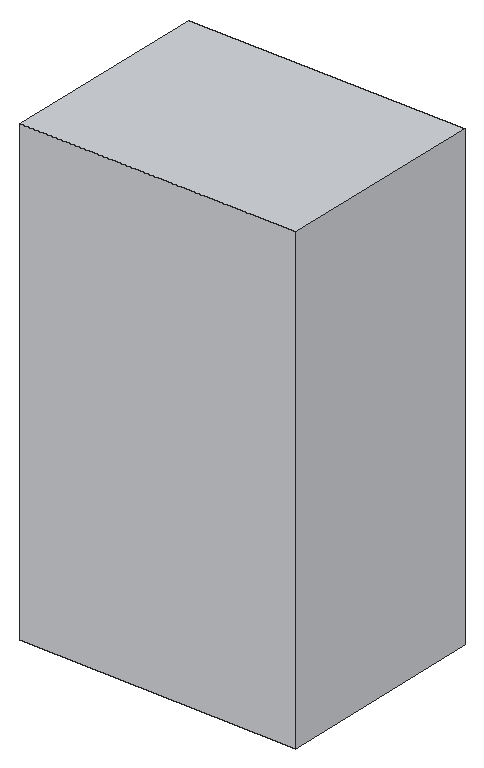
Revit family
Parameters
  Warranty Duration (Years) = 0
  Unit Width [instance] = 0' - 11 1/16"
  Unit Height [instance] = 1' - 1 9/16"
  Unit Depth = 0' - 0"
  URL = "http://www.americanspecialties.com/viewCategories.cfm"
  Trim Material = Metal - Stainless Steel
  Test Data = ""
  Specification = "http://www.arcat.com/sdspecs/htm/10810asi.htm"
  SpecWizard = ""
  Send Message = "http://www.arcat.com/users.pl?action=UserEmail&company=American%20Specialties,%20Inc.&coid=30448&rep=139&fax=914-476-0688&mf="
  Sales Information = "http://www.americanspecialties.com/contact"
  Revision = "R1_10-2010"
  Product Properties = "http://www.americanspecialties.com/datasheets/20210.pdf"
  Product Data = "http://www.arcat.com/arcatcos/cos30/arc30448.html"
  Model = "As Specified in 10 28 13"
  Manufacturer Website = "http://www.americanspecialties.com/viewCategories.cfm"
  Manufacturer Phone - Toll Free = ""
  Manufacturer Phone = "914-476-9000 "
  Manufacturer Fax = "914-476-0688"
  Manufacturer Address = "441 Saw Mill River Rd., Yonkers, NY 10701"
  Manufacturer = "American Specialties, Inc."
  Maintenance Schedule (Months) = 0
  Keynote = "10 28 13"
  Installation-Fabrication = "http://www.americanspecialties.com/products.cfm"
  Green Building-LEED = ""
  Expected Lifespan (Years) = 0
  Drawn By = "Robert S. Weygant. CSI, CDT, SCIP"  # constant formula
  Description = "Toilet Accessory as Specified in 10 28 13"
  Default Elevation = 4' - 0"
  Copyright = "©Arcat Inc."
  Construction Details = "http://www.arcat.com/green/clients/leed_data_30448.html"
  Building Codes = "http://www.americanspecialties.com/products.cfm"
  Body Material = Metal - Stainless Steel
  Assembly Code = "C1030210"
Reference planes (in)
  plane 1 "Center (Front/Back)": y = -2.59776
  plane 2 "Floor Line": z = 0
  plane 3 "Center (Left/Right)": x = -0.65843
  plane 4: z = 54.78125
  plane 5: x = -6.18968
  plane 6: x = 4.87282
  plane 7: z = 48
  plane 8: z = 61.5625
  plane 9: y = 4.18349
  plane 10: y = -9.37901
  plane 11: y = -8.94151
Forms (in)
  Extrusion 1, solid
    sketch origin (-3, -9, -6) x (0, 0, -1) y (1, 0, 0)
      loop
        line (-82, 26) -> (-82, -19.34712) -> (-6, -19.34712) -> (-6, 26) -> (-82, 26)
    from 9 to -25.60721
  Extrusion 2, solid, material "Metal - Stainless Steel" <- "Body Material"
    sketch origin (0, 0, 0) x (1, 0, 0) y (0, 1, 0)
      loop
        line (-6.18968, 4.18349) -> (-6.18968, -9.37901) -> (4.87282, -9.37901) -> (4.87282, 4.18349) -> (-6.18968, 4.18349)
    from 0 to 3.25
  Extrusion 3, solid, material "Metal - Stainless Steel" <- "Body Material"
    sketch origin (0, -2.59776, 0) x (1, 0, 0) y (0, 0, 1)
      loop
        line (-6.18968, 3.25) -> (4.87282, 3.25)
        arc (4.87282, 3.25) -> (4.78654, 3.46024) -> (4.60525, 3.59728) r 0.43059
        arc (4.60525, 3.59728) -> (-0.65843, 4.5) -> (-5.92212, 3.59728) r 15.79736
        arc (-5.92212, 3.59728) -> (-6.10341, 3.46024) -> (-6.18968, 3.25) r 0.43059
    from -6.78125 to 6.34375
  Sweep 4, void
    path origin (-14, -2.59776, 0) x (1, 0, 0) y (0, 0, 1)
      loop
        arc (7.81032, 3.25) -> (7.89659, 3.46024) -> (8.07788, 3.59728) r 0.43059
        arc (8.07788, 3.59728) -> (10.6713, 4.27268) -> (13.34157, 4.5) r 15.79736
    profile origin (-3.3287, -2.59776, 4.27268) x (-0.169032, 0, 0.985611) y (0, -1, 0)
      loop
        line (0, 6.34375) -> (-0.34375, 6.34375)
        arc (-0.34375, 6.34375) -> (-0.10068, 6.24307) -> (0, 6) r 0.34375
        line (0, 6) -> (0, 6.34375)
  Sweep 5, void
    path origin (12.68313, -2.59776, 0) x (-1, 0, 0) y (0, 0, 1)
      loop
        arc (7.81032, 3.25) -> (7.89659, 3.46024) -> (8.07788, 3.59728) r 0.43059
        arc (8.07788, 3.59728) -> (10.6713, 4.27268) -> (13.34157, 4.5) r 15.79736
    profile origin (2.01183, -2.59776, 4.27268) x (-0.169032, 0, -0.985611) y (0, -1, 0)
      loop
        line (0, 6.34375) -> (0, 6)
        arc (0, 6) -> (0.10068, 6.24307) -> (0.34375, 6.34375) r 0.34375
        line (0.34375, 6.34375) -> (0, 6.34375)
  Sweep 6, void
    path origin (-14, -2.16026, 0) x (1, 0, 0) y (0, 0, -1)
      loop
        arc (7.81032, -3.25) -> (7.89659, -3.46024) -> (8.07788, -3.59728) r 0.43059
        arc (8.07788, -3.59728) -> (10.6713, -4.27268) -> (13.34157, -4.5) r 15.79736
    profile origin (-3.3287, -2.16026, 4.27268) x (0.169032, 0, -0.985611) y (0, 1, 0)
      loop
        line (0, 6.34375) -> (0, 6)
        arc (0, 6) -> (0.10068, 6.24307) -> (0.34375, 6.34375) r 0.34375
        line (0.34375, 6.34375) -> (0, 6.34375)
  Sweep 7, void
    path origin (12.68313, -2.16026, 0) x (-1, 0, 0) y (0, 0, 1)
      loop
        arc (7.81032, 3.25) -> (7.89659, 3.46024) -> (8.07788, 3.59728) r 0.43059
        arc (8.07788, 3.59728) -> (10.6713, 4.27268) -> (13.34157, 4.5) r 15.79736
    profile origin (2.01183, -2.16026, 4.27268) x (0.169032, 0, 0.985611) y (0, 1, 0)
      loop
        line (0, 6.34375) -> (-0.34375, 6.34375)
        arc (-0.34375, 6.34375) -> (-0.10068, 6.24307) -> (0, 6) r 0.34375
        line (0, 6) -> (0, 6.34375)
  Extrusion 8, void
    sketch origin (-0.65843, 1.68543, 0) x (0, 1, 0) y (0, 0, 1)
      loop
        line (-10.62694, 3.25) -> (-11.06444, 3.25) -> (-11.06444, 1.52188) -> (-10.62694, 2.25) -> (-10.62694, 3.25)
    from -5.53125 to 5.53125
  Extrusion 9, solid, material "Metal - Stainless Steel" <- "Trim Material"
    sketch origin (0, -3.92186, 0.61175) x (1, 0, 0) y (0, 0, 1)
      loop
        circle (-0.65843, 1.01325) r 0.25
      loop
        line (-0.68692, 1.18489) -> (-0.68692, 0.85302) -> (-0.62995, 0.85302) -> (-0.62995, 1.18489) -> (-0.68692, 1.18489)
    from -8.16785 to -8.10535
  Extrusion 10, solid, material "Metal - Stainless Steel" <- "Trim Material"
    sketch origin (-0.65843, 0, 0) x (0, 1, 0) y (0, 0, 1)
      loop
        arc (-6.69909, 1.59837) -> (-6.74634, 1.54818) -> (-6.69909, 1.49799) r 0.05028
        line (-6.69909, 1.49799) -> (-4.50778, 1.36558)
        arc (-4.50778, 1.36558) -> (-4.32519, 1.54818) -> (-4.50778, 1.73077) r 0.18259
        line (-4.50778, 1.73077) -> (-6.69909, 1.59837)
    from 5.53125 to 5.5625
Cuts and joins
  Sweep 5, Sweep 6, Sweep 7, Extrusion 8 cuts Extrusion 2
  Sweep 4, Sweep 5, Sweep 6, Sweep 7 cuts Extrusion 3
Dimensions and locks (in)
  equal spacing: plane 8, plane 4, plane 7
  equal spacing: plane 6, plane 3 "Center (Left/Right)", plane 5
  "Unit Width": plane 6 to plane 5
  "Unit Height": plane 8 to plane 7
  "Default Elevation": plane 7 to plane 2 "Floor Line"
  equal spacing: plane 9, plane 1 "Center (Front/Back)", plane 10
  "Unit Height": plane 9 to plane 10
  aligned and locked: Extrusion 1 to level
  aligned and locked: plane 5 to Extrusion 2 sketch curve
  aligned and locked: Extrusion 2 sketch curve to plane 9
  aligned and locked: plane 10 to Extrusion 2 sketch curve
  aligned and locked: Extrusion 2 sketch curve to plane 6
  aligned and locked: plane 9 to Extrusion 3
  aligned and locked: Extrusion 3 to plane 11
  aligned and locked: Extrusion 10 to plane 6
Automatic sketch dimensions
  Extrusion 1 sketch curve to Extrusion 1 sketch curve = 6' - 4"
  Extrusion 1 sketch curve to Extrusion 1 sketch curve = 3' - 9.34712"
  Extrusion 3 sketch curve to plane 5 = 0' - 0"
  Extrusion 3 sketch curve to plane 3 "Center (Left/Right)" = 0' - 0"
  Extrusion 3 sketch curve to plane 6 = 0' - 0"
  plane 5 to Extrusion 3 sketch curve = 0' - 0.26757"
  plane 5 to Extrusion 3 sketch curve = 0' - 0.42737"
  Extrusion 3 sketch curve to plane 6 = 0' - 0.42737"
  Extrusion 3 sketch curve to plane 6 = 0' - 0.26757"
  Extrusion 3 sketch curve to level = 0' - 11.29736"
  level to Extrusion 3 sketch curve = 0' - 3.19744"
  Extrusion 3 sketch curve to Extrusion 3 sketch curve = 0' - 0.05256"
  Sweep 4 sketch curve to plane 5 = 0' - 0"
  Sweep 4 sketch curve to plane 3 "Center (Left/Right)" = 0' - 0"
  plane 5 to Sweep 4 sketch curve = 0' - 0.26757"
  plane 5 to Sweep 4 sketch curve = 0' - 0.42737"
  Sweep 4 sketch curve to level = 0' - 11.29736"
  level to Sweep 4 sketch curve = 0' - 3.19744"
  Sweep 4 sketch curve to Sweep 4 sketch curve = 0' - 0.05256"
  Sweep 4 sketch curve to profile plane = 0' - 0"
  profile plane to Sweep 4 sketch curve = 0' - 0 11/32"
  plane 1 "Center (Front/Back)" to Sweep 4 sketch curve = 0' - 6"
  Sweep 5 sketch curve to plane 6 = 0' - 0"
  Sweep 5 sketch curve to plane 3 "Center (Left/Right)" = 0' - 0"
  plane 6 to Sweep 5 sketch curve = 0' - 0.26757"
  plane 6 to Sweep 5 sketch curve = 0' - 0.42737"
  level to Sweep 5 sketch curve = 0' - 11.29736"
  Sweep 5 sketch curve to level = 0' - 3.19744"
  Sweep 5 sketch curve to Sweep 5 sketch curve = 0' - 0.05256"
  Sweep 5 sketch curve to profile plane = 0' - 0"
  Sweep 5 sketch curve to Sweep 5 sketch curve = 0' - 0 11/32"
  plane 1 "Center (Front/Back)" to Sweep 5 sketch curve = 0' - 6"
  Sweep 6 sketch curve to plane 5 = 0' - 0"
  Sweep 6 sketch curve to plane 3 "Center (Left/Right)" = 0' - 0"
  plane 5 to Sweep 6 sketch curve = 0' - 0.26757"
  plane 5 to Sweep 6 sketch curve = 0' - 0.42737"
  level to Sweep 6 sketch curve = 0' - 4 1/2"
  level to Sweep 6 sketch curve = 0' - 3.59728"
  Sweep 6 sketch curve to Sweep 6 sketch curve = 0' - 0.34728"
  Sweep 6 sketch curve to profile plane = 0' - 0"
  Sweep 6 sketch curve to Sweep 6 sketch curve = 0' - 0 11/32"
  profile plane to Sweep 6 sketch curve = 0' - 6"
  Sweep 7 sketch curve to plane 6 = 0' - 0"
  Sweep 7 sketch curve to plane 3 "Center (Left/Right)" = 0' - 0"
  Sweep 7 sketch curve to plane 6 = 0' - 0.26757"
  Sweep 7 sketch curve to plane 6 = 0' - 0.42737"
  Sweep 7 sketch curve to level = 0' - 11.29736"
  level to Sweep 7 sketch curve = 0' - 3.19744"
  Sweep 7 sketch curve to Sweep 7 sketch curve = 0' - 0.05256"
  Sweep 7 sketch curve to profile plane = 0' - 0"
  profile plane to Sweep 7 sketch curve = 0' - 0 11/32"
  profile plane to Sweep 7 sketch curve = 0' - 6"
  Extrusion 8 sketch curve to plane 10 = 0' - 0"
  Extrusion 8 sketch curve to plane 11 = 0' - 0"
  level to Extrusion 8 sketch curve = 0' - 1.52188"
  Extrusion 8 sketch curve to Extrusion 8 sketch curve = 0' - 0.72812"
  Extrusion 8 sketch curve to Extrusion 8 sketch curve = 0' - 1"
  Extrusion 9 sketch curve to plane 3 "Center (Left/Right)" = 0' - 0"
  Extrusion 9 sketch curve to plane 3 "Center (Left/Right)" = 0' - 0.02848"
  plane 3 "Center (Left/Right)" to Extrusion 9 sketch curve = 0' - 0.02848"
  level to Extrusion 9 sketch curve = 0' - 1.46478"
  Extrusion 9 sketch curve to Extrusion 9 sketch curve = 0' - 0.16022"
  Extrusion 9 sketch curve to Extrusion 9 sketch curve = 0' - 0.17165"
  plane 11 to Extrusion 10 sketch curve = 0' - 2.24242"
  Extrusion 10 sketch curve to Extrusion 10 sketch curve = 0' - 0"
  Extrusion 10 sketch curve to Extrusion 10 sketch curve = 0' - 0.00303"
  plane 1 "Center (Front/Back)" to Extrusion 10 sketch curve = 0' - 1.91002"
  level to Extrusion 10 sketch curve = 0' - 1.36558"
  level to Extrusion 10 sketch curve = 0' - 1.49799"
  Extrusion 10 sketch curve to Extrusion 10 sketch curve = 0' - 0.18259"
  Extrusion 10 sketch curve to Extrusion 10 sketch curve = 0' - 0.05019"
  radius of Extrusion 9 sketch curve = 0' - 0 1/4"
